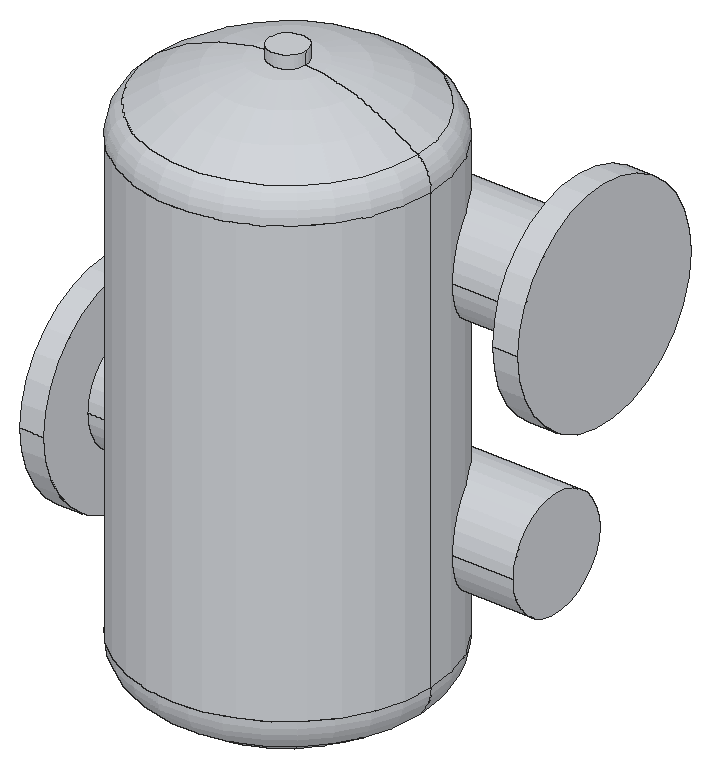
Revit family
Parameters (values of type "4-AS 125# W.P.")
  Weight = "83 lbs"
  Top to Inlet = 7.156"
  Top Connection Radius = 0.375"
  Top Connection Diameter = Top Connection Radius * 2  # 0.750"
  Tangential = yes
  Tank Height = 24.563"
  Tank Diameter = 12.000"
  Pipe Location off CL = 3.500"
  Outlet Pipe Flange Conn. Radius = Outlet Pipe Flange Conn / 2  # 2.000"
  Outlet Pipe Flange Conn = 4.000"
  Nipple Connection Radius = Nipple Connection Diameter / 2  # 2.000"
  Nipple Connection Diameter = 4.000"
  Model = "4\"-AS"
  Pressure Drop = "1.3"
  Max Operating Temp = "350 DEG F"
  Max Operating Pressure = "125 PSI"
  Manufacturer = "Amtrol"
  Inlet CL to Outlet CL = 10.000"
  Inlet Pipe Flange Conn = 4.000"
  Inlet Pipe Flange Conn. Radius = Inlet Pipe Flange Conn / 2  # 2.000"
  Flow (GPM) = "245"
  Flange to Flange Height = 20.750"
  CL to Outlet Flange = 10.375"
  Bottom Connection Radius = Bottom Connection Diameter / 2  # 0.375"
  Bottom Connection Diameter = 0.750"
  ASME = yes
Types (3): name | Max Operating Pressure
  (no name) | "125 PSI"
  4-AS 125# W.P. | "125 PSI"
  4-AS 150# W.P. 10 BAR | "150 PSI"
Reference planes (in)
  plane 1 "Center (Front/Back)": y = 0
  plane 2: z = 0
  plane 3 "Center (Left/Right)": x = 0
Forms (in)
  Revolve 1, solid
    sketch origin (0, 0, 0) x (1, 0, 0) y (0, 0, 1)
      loop
        line (0, 25.063) -> (0, 0.5)
        arc (0, 0.5) -> (2.80302, 0.93912) -> (5.33171, 2.22576) r 9.03631
        arc (5.33171, 2.22576) -> (5.82327, 2.8013) -> (5.99996, 3.53728) r 1.62112
        line (5.99996, 3.53728) -> (5.99996, 22.0906)
        arc (5.99996, 22.0906) -> (5.8693, 22.76869) -> (5.43384, 23.30465) r 1.41797
        arc (5.43384, 23.30465) -> (2.86312, 24.63561) -> (0, 25.063) r 8.82397
      axis (0, 0.5) -> (0, 25.063)
    angle from 0 to 360
  Extrusion 2, solid
    sketch origin (0, 0, -1.34886) x (0, 1, 0) y (0, 0, 1)
      loop
        circle (3.5, 19.43178) r 2.25
    from 2.04863 to 9.375
  Extrusion 3, solid
    sketch origin (1.70157, 0, 1.33708) x (0, 1, 0) y (0, 0, 1)
      loop
        circle (3.5, 6.56456) r 2.25
    from -11.07657 to 6.73593
  Extrusion 4, solid
    sketch origin (0, 0, 2.11946) x (0, 1, 0) y (0, 0, 1)
      loop
        circle (3.5, 15.82809) r 4.5
    from 9.375 to 10.4375
  Extrusion 5, solid
    sketch origin (0, 0, 0) x (0, 1, 0) y (0, 0, 1)
      loop
        circle (3.5, 7.96049) r 4.5
    from -9.375 to -10.375
  Sweep 6, solid
    path origin (0.02118, 0, 1.8642) x (1, 0, 0) y (0, 0, 1)
      loop
        line (0, 23.1815) -> (0, 23.6875)
    profile origin (0.02118, 0, 25.2987) x (-1, 0, 0) y (0, -1, 0)
      loop
        circle (0, 0) r 0.75
  Sweep 7, solid
    path origin (0, 0, 0) x (1, 0, 0) y (0, 0, 1)
      loop
        line (0, 0) -> (0, 0.5538)
    profile origin (0, 0, 0.2769) x (-1, 0, 0) y (0, -1, 0)
      loop
        circle (0, 0) r 0.75
Lines and regions (in)
  reference lines
    curve 1: line (-7.4038, 0, 7.875) -> (9.0962, 0, 7.875)
    curve 2: line (8.65956, 0, 15.875) -> (0, 0, 15.875)
Text (in)
  text "INLET" at (11.05624, 0, 20.97665), in view "Front"
  text "OUTLET" at (-19.15084, 0, 8.92051), in view "Front"
  text "STRAINER ACCESS" at (9.45341, 0, 6.82783), in view "Front"
Dimensions and locks (in)
  "Pipe Location off CL": plane 1 "Center (Front/Back)" to Extrusion 2 sketch curve
  "Pipe Location off CL": plane 1 "Center (Front/Back)" to Extrusion 3 sketch curve
  "Pipe Location off CL": Extrusion 5 sketch curve to plane 1 "Center (Front/Back)"
  "Pipe Location off CL": Extrusion 4 sketch curve to plane 1 "Center (Front/Back)"
  "CL to Outlet Flange": Extrusion 5 to plane 3 "Center (Left/Right)"
  "Tank Height": Revolve 1 sketch curve to Revolve 1 sketch curve
  locked: Revolve 1 sketch curve to level at 0.5
  locked: Revolve 1 sketch curve to Revolve 1 sketch curve at 5.99996
  aligned: Extrusion 3 to curve 1
  aligned and locked: Revolve 1 sketch curve to plane 3 "Center (Left/Right)"
  aligned and locked: Sweep 7 to Revolve 1 sketch curve
  aligned and locked: plane 3 "Center (Left/Right)" to Revolve 1 sketch curve
Automatic sketch dimensions
  level to Extrusion 2 sketch curve = 18.08292"
  level to Extrusion 3 sketch curve = 7.90165"
  curve 2 to plane 3 "Center (Left/Right)" = 0.000"
  curve 1 to plane 3 "Center (Left/Right)" = 7.4038"
  curve 2 to curve 2 = 8.65956"
  curve 2 to curve 1 = 0.43664"
  level to Extrusion 4 sketch curve = 17.94755"
  level to Extrusion 5 sketch curve = 7.96049"
  plane 3 "Center (Left/Right)" to Sweep 6 sketch curve = 0.02118"
  level to Sweep 6 sketch curve = 25.0457"
  Sweep 6 sketch curve to Sweep 6 sketch curve = 0.506"
  plane 1 "Center (Front/Back)" to Sweep 6 sketch curve = 0.000"
  Sweep 6 sketch curve to profile plane = 0.000"
  Sweep 7 sketch curve to plane 3 "Center (Left/Right)" = 0.000"
  Sweep 7 sketch curve to level = 0.000"
  level to Sweep 7 sketch curve = 0.5538"
  plane 1 "Center (Front/Back)" to Sweep 7 sketch curve = 0.000"
  Sweep 7 sketch curve to profile plane = 0.000"
  level to curve 1 = 7.875"
  curve 1 to curve 2 = 8.000"
  plane 3 "Center (Left/Right)" to Revolve 1 sketch curve = 0.0203"
  plane 3 "Center (Left/Right)" to Revolve 1 sketch curve = 0.14644"
  Revolve 1 sketch curve to Revolve 1 sketch curve = 1.62112"
  Revolve 1 sketch curve to Revolve 1 sketch curve = 1.41578"
  Revolve 1 sketch curve to Revolve 1 sketch curve = 0.66825"
  Revolve 1 sketch curve to Revolve 1 sketch curve = 0.000"  (x2)
  Revolve 1 sketch curve to Revolve 1 sketch curve = 0.56612"
  Revolve 1 sketch curve to Revolve 1 sketch curve = 6.70396"
  Revolve 1 sketch curve to Revolve 1 sketch curve = 1.937"
  radius of Extrusion 2 sketch curve = 2.250"
  radius of Extrusion 3 sketch curve = 2.250"
  radius of Extrusion 4 sketch curve = 4.500"
  radius of Extrusion 5 sketch curve = 4.500"
  radius of Sweep 6 sketch curve = 0.750"
  radius of Sweep 7 sketch curve = 0.750"
Connectors (in)
  piping at (10.4375, 3.5, 17.94755), driven by "Inlet Pipe Flange Conn. Radius"
    settings: on Extrusion 4, index 1
  piping at (8.4375, 3.5, 7.90165), driven by "Nipple Connection Radius"
    settings: on Extrusion 3, index 2
  piping at (0.02118, 0, 25.5517), driven by "Top Connection Radius"
    settings: on Sweep 6, index 3
  piping at (-10.375, 3.5, 7.96049), driven by "Outlet Pipe Flange Conn. Radius"
    settings: on Extrusion 5, index 4
  piping at (0, 0, 0), driven by "Bottom Connection Radius"
    settings: on Sweep 7, index 5
